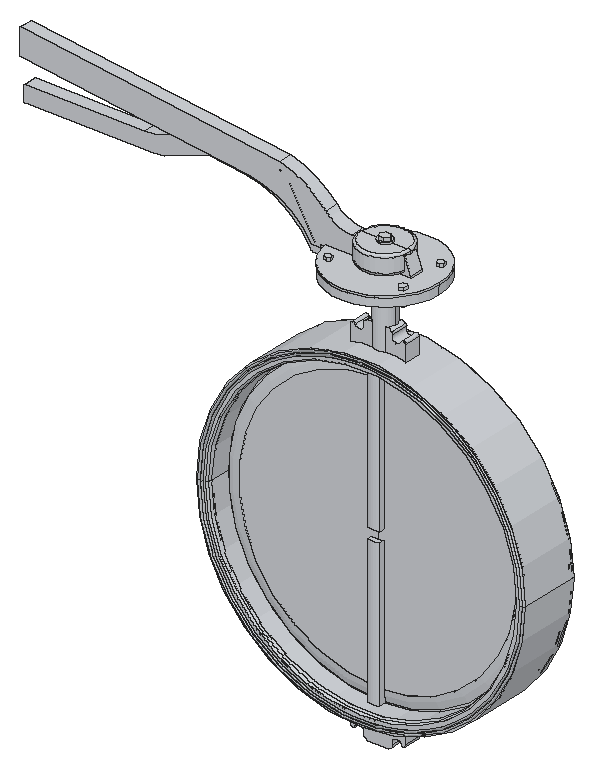
Revit family "R59WX025", category Plumbing Fixtures, Revit 2015
Reference planes
  plane 1 "Center (Front/Back)": y = 0
  plane 2: z = 0
  plane 3 "Center (Left/Right)": x = 0
  plane 4: z = 274
  plane 5: x = -416
  plane 6: z = 376
  plane 7: z = -200
  plane 8: z = -30
  plane 9: z = 304
  plane 10: y = -34.488
  plane 11: y = 34.012
  plane 12: x = -28.994
Forms (mm)
  Extrusion 1, solid
    sketch origin (0, 0, 264) x (1, 0, 0) y (0, 1, 0)
      loop
        circle (0, 0) r 62.5
    from 0 to 10
  Extrusion 2, solid
    sketch origin (0, 0, -76.95) x (1, 0, 0) y (0, 1, 0)
      loop
        circle (0, 0) r 12
    from 259.167 to 340.95
  Revolve 3, solid
    sketch origin (0, 0, 0) x (0, 1, 0) y (0, 0, 1)
      loop
        line (11.11, 0) -> (-11.11, 0) -> (-11.11, -160.915)
        arc (-11.11, -160.915) -> (-10.081, -168.032) -> (-8, -174.915) r 47.991
        line (-8, -174.915) -> (-6, -174.915) -> (-6, -177.915) -> (0, -177.915) -> (6, -177.915) -> (6, -174.915) -> (8, -174.915)
        arc (8, -174.915) -> (10.081, -168.032) -> (11.11, -160.915) r 47.991
        line (11.11, -160.915) -> (11.11, 0)
      axis (11.11, 0) -> (-11.11, 0)
    angle from 0 to 360
  Blend 4, solid
    base sketch origin (0, 0, -4.163) x (1, 0, 0) y (0, 1, 0)
      loop
        line (-6.883, 16.4) -> (-6.883, -16.4)
        arc (-6.883, -16.4) -> (0, -18.078) -> (6.883, -16.4) r 14.953
        line (6.883, -16.4) -> (6.883, 16.4)
        arc (6.883, 16.4) -> (0, 18.078) -> (-6.883, 16.4) r 14.953
    top sketch origin (0, 0, 0) x (1, 0, 0) y (0, 1, 0)
      loop
        line (-6.883, 16.4) -> (-6.883, -16.4)
        arc (-6.883, -16.4) -> (0, -18.078) -> (6.883, -16.4) r 14.953
        line (6.883, -16.4) -> (6.883, 16.4)
        arc (6.883, 16.4) -> (0, 18.078) -> (-6.883, 16.4) r 14.953
    from 10.163 to 174.726
  Blend 5, solid
    base sketch origin (0, 0, -38.601) x (0, -1, 0) y (1, 0, 0)
      loop
        line (-16.4, -6.883) -> (16.4, -6.883)
        arc (16.4, -6.883) -> (18.078, 0) -> (16.4, 6.883) r 14.953
        line (16.4, 6.883) -> (-16.4, 6.883)
        arc (-16.4, 6.883) -> (-18.078, 0) -> (-16.4, -6.883) r 14.953
    top sketch origin (0, 0, -35.117) x (0, -1, 0) y (1, 0, 0)
      loop
        line (-16.4, -6.883) -> (16.4, -6.883)
        arc (16.4, -6.883) -> (18.078, 0) -> (16.4, 6.883) r 14.953
        line (16.4, 6.883) -> (-16.4, 6.883)
        arc (-16.4, 6.883) -> (-18.078, 0) -> (-16.4, -6.883) r 14.953
    from -136.658 to 29.117
  Extrusion 6, solid
    sketch origin (80.376, -27.447, 276) x (0, -1, 0) y (1, 0, 0)
      loop
        line (3.99, -123.113) -> (0.805, -120.344) -> (-3.184, -121.718) -> (-3.99, -125.86) -> (-0.805, -128.628) -> (3.184, -127.254) -> (3.99, -123.113)
    from 0 to 3
  Extrusion 7, solid
    sketch origin (80.376, -27.447, 256) x (0, -1, 0) y (1, 0, 0)
      loop
        circle (0, -124.486) r 3
    from 2.505 to 20
  Extrusion 8, solid
    sketch origin (80.376, -27.447, 263) x (0, -1, 0) y (1, 0, 0)
      loop
        line (3.99, -123.113) -> (0.805, -120.344) -> (-3.184, -121.718) -> (-3.99, -125.86) -> (-0.805, -128.628) -> (3.184, -127.254) -> (3.99, -123.113)
      loop
        line (-3.444, -125.672) -> (-0.695, -128.061) -> (2.749, -126.876) -> (3.444, -123.301) -> (0.695, -120.911) -> (-2.749, -122.097) -> (-3.444, -125.672)
    from -1.968 to 1
  Extrusion 9, solid, not visible
    sketch origin (26.117, -96.518, 104.233) x (0, -1, 0) y (1, 0, 0)
      loop
        line (3.99, -123.113) -> (0.805, -120.344) -> (-3.184, -121.718) -> (-3.99, -125.86) -> (-0.805, -128.628) -> (3.184, -127.254) -> (3.99, -123.113)
    from 0 to 3
  Extrusion 10, solid, not visible
    sketch origin (26.117, -96.518, 84.233) x (0, -1, 0) y (1, 0, 0)
      loop
        circle (0, -124.486) r 3
    from 2.505 to 20
  Extrusion 11, solid, not visible
    sketch origin (26.117, -96.518, 91.233) x (0, -1, 0) y (1, 0, 0)
      loop
        line (3.99, -123.113) -> (0.805, -120.344) -> (-3.184, -121.718) -> (-3.99, -125.86) -> (-0.805, -128.628) -> (3.184, -127.254) -> (3.99, -123.113)
      loop
        line (-3.444, -125.672) -> (-0.695, -128.061) -> (2.749, -126.876) -> (3.444, -123.301) -> (0.695, -120.911) -> (-2.749, -122.097) -> (-3.444, -125.672)
    from -1.968 to 1
  Extrusion 12, solid
    sketch origin (0, 0, 274) x (1, 0, 0) y (0, 1, 0)
      loop
        circle (0, 0) r 62.5
    from 0 to 2
  Extrusion 13, solid
    sketch origin (80.376, -27.447, 276) x (0, -1, 0) y (1, 0, 0)
      loop
        line (-58.884, -123.113) -> (-58.079, -127.254) -> (-54.09, -128.628) -> (-50.905, -125.86) -> (-51.71, -121.718) -> (-55.7, -120.344) -> (-58.884, -123.113)
    from 0 to 3
  Extrusion 14, solid
    sketch origin (80.376, -27.447, 256) x (0, -1, 0) y (1, 0, 0)
      loop
        circle (-54.895, -124.486) r 3
    from 2.505 to 20
  Extrusion 15, solid
    sketch origin (80.376, -27.447, 263) x (0, -1, 0) y (1, 0, 0)
      loop
        line (-58.884, -123.113) -> (-58.079, -127.254) -> (-54.09, -128.628) -> (-50.905, -125.86) -> (-51.71, -121.718) -> (-55.7, -120.344) -> (-58.884, -123.113)
      loop
        line (-51.451, -125.672) -> (-52.146, -122.097) -> (-55.59, -120.911) -> (-58.339, -123.301) -> (-57.644, -126.876) -> (-54.2, -128.061) -> (-51.451, -125.672)
    from -1.968 to 1
  Extrusion 16, solid
    sketch origin (-81.626, 27.447, 276) x (0, 1, 0) y (-1, 0, 0)
      loop
        line (-58.884, -123.113) -> (-58.079, -127.254) -> (-54.09, -128.628) -> (-50.905, -125.86) -> (-51.71, -121.718) -> (-55.7, -120.344) -> (-58.884, -123.113)
    from 0 to 3
  Extrusion 17, solid
    sketch origin (-81.626, 27.447, 256) x (0, 1, 0) y (-1, 0, 0)
      loop
        circle (-54.895, -124.486) r 3
    from 2.505 to 20
  Extrusion 18, solid
    sketch origin (-81.626, 27.447, 263) x (0, 1, 0) y (-1, 0, 0)
      loop
        line (-58.884, -123.113) -> (-58.079, -127.254) -> (-54.09, -128.628) -> (-50.905, -125.86) -> (-51.71, -121.718) -> (-55.7, -120.344) -> (-58.884, -123.113)
      loop
        line (-51.451, -125.672) -> (-52.146, -122.097) -> (-55.59, -120.911) -> (-58.339, -123.301) -> (-57.644, -126.876) -> (-54.2, -128.061) -> (-51.451, -125.672)
    from -1.968 to 1
  Extrusion 19, solid
    sketch origin (-81.626, 27.447, 276) x (0, 1, 0) y (-1, 0, 0)
      loop
        line (3.99, -123.113) -> (0.805, -120.344) -> (-3.184, -121.718) -> (-3.99, -125.86) -> (-0.805, -128.628) -> (3.184, -127.254) -> (3.99, -123.113)
    from 0 to 3
  Extrusion 20, solid
    sketch origin (-81.626, 27.447, 256) x (0, 1, 0) y (-1, 0, 0)
      loop
        circle (0, -124.486) r 3
    from 2.505 to 20
  Extrusion 21, solid
    sketch origin (-81.626, 27.447, 263) x (0, 1, 0) y (-1, 0, 0)
      loop
        line (3.99, -123.113) -> (0.805, -120.344) -> (-3.184, -121.718) -> (-3.99, -125.86) -> (-0.805, -128.628) -> (3.184, -127.254) -> (3.99, -123.113)
      loop
        line (-3.444, -125.672) -> (-0.695, -128.061) -> (2.749, -126.876) -> (3.444, -123.301) -> (0.695, -120.911) -> (-2.749, -122.097) -> (-3.444, -125.672)
    from -1.968 to 1
  Extrusion 22, solid
    sketch origin (125.063, -27.447, 301.144) x (0, -1, 0) y (1, 0, 0)
      loop
        line (-32.638, -122.069) -> (-32.638, -128.062) -> (-27.447, -131.059) -> (-22.257, -128.062) -> (-22.257, -122.069) -> (-27.447, -119.072) -> (-32.638, -122.069)
    from -1.014 to 2.856
  Extrusion 23, solid
    sketch origin (124.477, -54.895, 296.2) x (0, -1, 0) y (1, 0, 0)
      loop
        circle (-54.895, -124.486) r 8
    from -22.2 to 3.931
  Sweep 24, solid
    path origin (0, 0, 0) x (1, 0, 0) y (0, 0, 1)
      loop
        circle (0, 0) r 191
    profile origin (0, 0, -191) x (0, 0, 1) y (0, -1, 0)
      loop
        line (0, 34.488) -> (0, -34.012) -> (1.452, -34.012)
        arc (1.452, -34.012) -> (2.466, -35.026) -> (3.48, -34.012) r 1.014
        line (3.48, -34.012) -> (4.753, -34.012)
        arc (4.753, -34.012) -> (5.767, -35.026) -> (6.78, -34.012) r 1.014
        line (6.78, -34.012) -> (10.888, -34.012) -> (12.517, -31.67) -> (13.454, -28.173) -> (13.454, 28.649) -> (12.517, 32.146) -> (10.888, 34.488) -> (6.78, 34.488)
        arc (6.78, 34.488) -> (5.767, 35.502) -> (4.753, 34.488) r 1.014
        line (4.753, 34.488) -> (3.48, 34.488)
        arc (3.48, 34.488) -> (2.466, 35.502) -> (1.452, 34.488) r 1.014
        line (1.452, 34.488) -> (0, 34.488)
  Revolve 25, solid
    sketch origin (0, 0, 134) x (1, 0, 0) y (0, 0, 1)
      loop
        line (-26.486, 143.746) -> (0, 143.746) -> (0, 165) -> (-26.486, 165)
        arc (-26.486, 165) -> (-28.259, 164.265) -> (-28.994, 162.492) r 2.508
        line (-28.994, 162.492) -> (-28.994, 146.254)
        arc (-28.994, 146.254) -> (-28.259, 144.481) -> (-26.486, 143.746) r 2.508
      axis (0, 143.746) -> (0, 165)
    angle from 0 to 360
  Extrusion 26, solid
    sketch origin (16.64, 45.948, -8.686) x (1, 0, 0) y (0, 0, 1)
      loop
        arc (-48.783, 305.653) -> (-65.384, 309.25) -> (-79.007, 319.397) r 40.102
        arc (-79.007, 319.397) -> (-103.285, 339.64) -> (-132.665, 351.301) r 100.074
        line (-132.665, 351.301) -> (-432.33, 385.994)
        arc (-432.33, 385.994) -> (-432.804, 385.844) -> (-433.008, 385.39) r 0.608
        line (-433.008, 385.39) -> (-433.008, 356.181) -> (-167.596, 325.454)
        arc (-167.596, 325.454) -> (-125.893, 310.838) -> (-94.664, 279.573) r 99.286
        line (-94.664, 279.573) -> (-84.664, 279.573) -> (-84.664, 282.573) -> (19.968, 282.573) -> (19.968, 285.573) -> (12.223, 303.82)
        arc (12.223, 303.82) -> (11.078, 305.154) -> (9.392, 305.653) r 3.103
        line (9.392, 305.653) -> (-48.783, 305.653)
    from 37.966 to 54.11
  Extrusion 27, solid
    sketch origin (-96.143, 45.948, -63.199) x (1, 0, 0) y (0, 0, 1)
      loop
        line (-177.106, 382.301) -> (-314.714, 382.301)
        arc (-314.714, 382.301) -> (-315.986, 381.806) -> (-316.641, 380.609) r 1.995
        line (-316.641, 380.609) -> (-316.641, 365.458)
        arc (-316.641, 365.458) -> (-315.986, 364.261) -> (-314.714, 363.766) r 1.995
        line (-314.714, 363.766) -> (-165.969, 363.766)
        arc (-165.969, 363.766) -> (-159.476, 364.161) -> (-153.041, 365.112) r 75.785
        line (-153.041, 365.112) -> (-102.034, 383.677) -> (-60.442, 378.862)
        arc (-60.442, 378.862) -> (-16.505, 362.956) -> (15.663, 329.062) r 101.578
        arc (15.663, 329.062) -> (17.206, 327.09) -> (19.597, 326.344) r 4.207
        line (19.597, 326.344) -> (28.119, 326.344) -> (28.119, 337.087) -> (23.361, 337.087)
        arc (23.361, 337.087) -> (21.253, 337.654) -> (19.712, 339.201) r 4.207
        line (19.712, 339.201) -> (-9.321, 389.817)
        arc (-9.321, 389.817) -> (-17.422, 397.083) -> (-27.819, 400.293) r 25.399
        line (-27.819, 400.293) -> (-121.464, 408.132)
        arc (-121.464, 408.132) -> (-146.554, 389.335) -> (-177.106, 382.301) r 75.785
    from 38.356 to 53.486
  Extrusion 28, solid
    sketch origin (-2.93, 0.293, 134.165) x (1, 0, 0) y (0, 0, 1)
      loop
        arc (18.871, 79.288) -> (16.77, 80.589) -> (14.565, 81.703) r 28.535
        line (14.565, 81.703) -> (-8.94, 81.703)
        arc (-8.94, 81.703) -> (-11.147, 80.588) -> (-13.249, 79.287) r 28.535
        arc (-13.249, 79.287) -> (-14.145, 78.006) -> (-14.03, 76.455) r 2.274
        arc (-14.03, 76.455) -> (-16.841, 69.087) -> (-24.079, 72.217) r 5.458
        arc (-24.079, 72.217) -> (-26.836, 73.974) -> (-28.974, 71.501) r 2.5
        line (-28.974, 71.501) -> (-28.974, 50.421)
        arc (-28.974, 50.421) -> (2.813, 53.196) -> (34.596, 50.384) r 182.243
        line (34.596, 50.384) -> (34.596, 71.501)
        arc (34.596, 71.501) -> (32.458, 73.974) -> (29.701, 72.217) r 2.5
        arc (29.701, 72.217) -> (22.463, 69.087) -> (19.652, 76.455) r 5.458
        arc (19.652, 76.455) -> (19.767, 78.006) -> (18.871, 79.288) r 2.274
    from -9.388 to 9.974
  Extrusion 29, solid
    sketch origin (-2.93, 0.293, -138.702) x (1, 0, 0) y (0, 0, 1)
      loop
        arc (18.871, -79.288) -> (19.767, -78.006) -> (19.652, -76.455) r 2.274
        arc (19.652, -76.455) -> (22.463, -69.087) -> (29.701, -72.217) r 5.458
        arc (29.701, -72.217) -> (32.458, -73.974) -> (34.596, -71.501) r 2.5
        line (34.596, -71.501) -> (34.596, -50.384)
        arc (34.596, -50.384) -> (2.813, -53.196) -> (-28.974, -50.421) r 182.243
        line (-28.974, -50.421) -> (-28.974, -71.501)
        arc (-28.974, -71.501) -> (-26.836, -73.974) -> (-24.079, -72.217) r 2.5
        arc (-24.079, -72.217) -> (-16.841, -69.087) -> (-14.03, -76.455) r 5.458
        arc (-14.03, -76.455) -> (-14.145, -78.006) -> (-13.249, -79.287) r 2.274
        arc (-13.249, -79.287) -> (-11.147, -80.588) -> (-8.94, -81.703) r 28.535
        line (-8.94, -81.703) -> (14.565, -81.703)
        arc (14.565, -81.703) -> (16.77, -80.589) -> (18.871, -79.288) r 28.535
    from -9.388 to 9.974
Dimensions and locks
  plane 2 to plane 4 = 274 mm
  locked: plane 3 "Center (Left/Right)" to plane 5 at 416
  locked: level to plane 6 at 376
  plane 7 to level = 200 mm
  locked: plane 4 to plane 9 at 30
  plane 11 to plane 10 = 68.5 mm
  aligned and locked: level to plane 2
